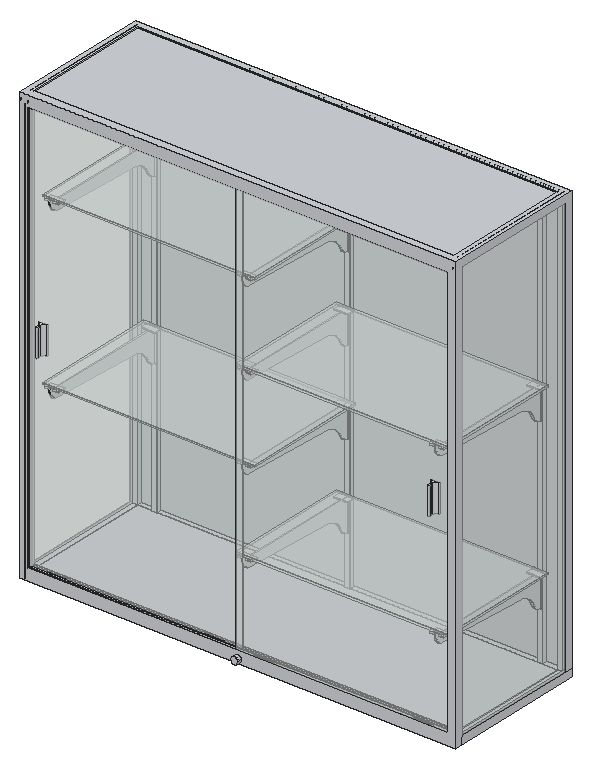
Revit family "Ghent - Champion - 2040 + 2282 Series", category Furniture, Revit 2019
Family settings
  OmniClass Number = 23.40.20.00
  OmniClass Title = General Furniture and Specialties
  Work Plane-Based = No
  Always vertical = Yes
  Cut with Voids When Loaded = No
  Shared = No
  Room Calculation Point = No
Parameters (values of type "Style 2040 - 48”H x 48”W x 16”D")
  Width = 4' - 0"
  URL = "https://ghent.com/wall-case-aluminum-champion"
  Side Support Offset = 0' - 2 3/4"  # constant formula
  Side Profile Value = 0' - 0 53/64"  # constant formula
  Shelf Width = if(Half Length Shelves, (Width / 2) + (2 * Bracket Support Offset) - Side Support Offset, Width - (2 * Side Support Offset) + (2 * Bracket Support Offset))  # 1' - 11 47/128"
  Shelf Tiers = if(Width = 3' 0", 1, 2)  # 2
  Shelf Depth = 1' - 2"
  Manufacturer = "Ghent"  # constant formula
  Height = 4' - 0"
  Half Length Shelves = not(Width = 3' 0")  # yes
  Glass [instance] = Glass, Clear Glazing, Tempered
  Frame [instance] = none
  Door Panel Width = ((Width - (2 * Side Profile Value)) / 2) + 0' 0 5/16"  # 1' - 11 31/64"
  Depth = 1' - 4"
  Bracket Support Offset = 0' - 1 15/256"  # constant formula
  Bottom Rail Depth = 0' - 0.833"
  Back Panel [instance] = none
Types (5): name | Width | Shelf Width | Shelf Tiers | Shelf Depth | Height | Half Length Shelves | Door Panel Width | Depth
  (no name) | 4' - 0" | 1' - 11 47/128" | 2 | 1' - 2" | 4' - 0" | yes | 1' - 11 31/64" | 1' - 4"
  Style 2040 - 48”H x 48”W x 16”D | 4' - 0" | 1' - 11 47/128" | 2 | 1' - 2" | 4' - 0" | yes | 1' - 11 31/64" | 1' - 4"
  Style 2040 - 48”H x 60”W x 16”D | 5' - 0" | 2' - 5 47/128" | 2 | 1' - 2" | 4' - 0" | yes | 2' - 5 31/64" | 1' - 4"
  Style 2040 - 48”H x 72”W x 16”D | 6' - 0" | 2' - 11 47/128" | 2 | 1' - 2" | 4' - 0" | yes | 2' - 11 31/64" | 1' - 4"
  Style 2282 - 30”H x 36”W x 14”D | 3' - 0" | 2' - 8 79/128" | 1 | 1' - 0" | 2' - 6" | no | 1' - 5 31/64" | 1' - 2"
Reference planes (in)
  plane 1 "Center Front/Back": y = 0
  plane 2: z = 0
  plane 3 "Center Left/Right": x = 0
  plane 4 "Left": x = -24
  plane 5 "front": y = -8
  plane 6 "Back": y = 8
  plane 7 "top": z = 48
  plane 8 "bottom rail": z = 0
  plane 9 "Right": x = 24
  plane 10: x = -23.17056
  plane 11: x = 23.17056
  plane 12: z = 0.833
  plane 13 "Center L/T": z = 47.16563
  plane 14 "Center L/U": y = -7.167
  plane 15: z = 47.499
  plane 16: z = 0.498
  plane 17: x = -23.502
  plane 18: x = 23.502
  plane 19: y = 7.499
  plane 20: y = -7.499
  plane 21: y = 7.167
  plane 22: x = -21.25
  plane 23: x = 21.25
  plane 24 "track a": y = -7.77196
  plane 25 "2d": z = 24
Forms (in)
  Sweep 1, solid, material <- "Frame"
    path origin (0, 0, 48) x (1, 0, 0) y (0, 1, 0)
      loop
        line (24, -8) -> (24, 8) -> (-24, 8) -> (-24, -8)
    profile origin (24, 0, 48) x (-1, 0, 0) y (0, 0, 1)
      loop
        line (0, -0.83437) -> (0.075, -0.83437) -> (0.075, -0.501) -> (0.34393, -0.501) -> (0.34393, -0.83437) -> (0.833, -0.83437) -> (0.833, -0.358) -> (0.498, -0.358) -> (0.498, -0.075) -> (0.833, -0.075) -> (0.833, 0) -> (0, 0) -> (0, -0.83437)
  Sweep 2, solid, material <- "Frame"
    path origin (0, 8, 0) x (-1, 0, 0) y (0, 0, 1)
      loop
        line (-24, 0.833) -> (-24, 47.16563)
    profile origin (24, 8, 23.99931) x (1, 0, 0) y (0, 1, 0)
      loop
        line (0, -0.833) -> (0, 0) -> (-0.833, 0) -> (-0.833, -0.075) -> (-0.498, -0.075) -> (-0.498, -0.358) -> (-0.833, -0.358) -> (-0.833, -0.83437) -> (-0.34393, -0.83437) -> (-0.34393, -0.501) -> (-0.075, -0.501) -> (-0.075, -0.833) -> (0, -0.833)
  Sweep 3, solid, material <- "Frame"
    path origin (0, -8, 0) x (-1, 0, 0) y (0, 0, 1)
      loop
        line (-24, 0) -> (-24, 47.16563)
    profile origin (24, -8, 23.58281) x (1, 0, 0) y (0, 1, 0)
      loop
        line (0, 0.833) -> (-0.075, 0.833) -> (-0.075, 0.501) -> (-0.34393, 0.501) -> (-0.34393, 0.833) -> (-0.82944, 0.833) -> (-0.82944, 0.358) -> (-0.498, 0.358) -> (-0.498, 0.075) -> (-0.82944, 0.075) -> (-0.82944, 0) -> (0, 0) -> (0, 0.833)
  Sweep 4, solid, material <- "Frame"
    path origin (0, 8, 0) x (1, 0, 0) y (0, 0, 1)
      loop
        line (-24, 0.833) -> (-24, 47.16563)
    profile origin (-24, 8, 23.99931) x (1, 0, 0) y (0, 1, 0)
      loop
        line (0, -0.833) -> (0.075, -0.833) -> (0.075, -0.501) -> (0.34393, -0.501) -> (0.34393, -0.83437) -> (0.82944, -0.83437) -> (0.82944, -0.358) -> (0.498, -0.358) -> (0.498, -0.075) -> (0.82944, -0.075) -> (0.82944, 0) -> (0, 0) -> (0, -0.833)
  Sweep 5, solid, material <- "Frame"
    path origin (0, 0, 0) x (0, -1, 0) y (1, 0, 0)
      loop
        line (7.167, -24) -> (-8, -24) -> (-8, 24) -> (7.167, 24)
    profile origin (-24, 0.4165, 0) x (-1, 0, 0) y (0, 0, 1)
      loop
        line (-0.82944, 0) -> (0, 0) -> (0, 0.833) -> (-0.075, 0.833) -> (-0.075, 0.498) -> (-0.34393, 0.498) -> (-0.34393, 0.833) -> (-0.82944, 0.833) -> (-0.82944, 0.34393) -> (-0.498, 0.34393) -> (-0.498, 0.075) -> (-0.82944, 0.075) -> (-0.82944, 0)
  Sweep 6, solid, material <- "Frame"
    path origin (0, 0, 0) x (0, -1, 0) y (1, 0, 0)
      loop
        line (8, -23.17056) -> (8, 23.17056)
    profile origin (0, -8, 0) x (0, 1, 0) y (0, 0, 1)
      loop
        line (0.075, 1.24492) -> (0, 1.24492) -> (0, 0) -> (0.833, 0) -> (0.833, 1.24519) -> (0.751, 1.24519) -> (0.751, 0.833) -> (0.501, 0.833) -> (0.501, 1.24492) -> (0.358, 1.24492) -> (0.358, 0.49419) -> (0.075, 0.49419) -> (0.075, 1.24492)
  Sweep 7, solid, material <- "Frame"
    path origin (0, -8, 0) x (-1, 0, 0) y (0, 0, 1)
      loop
        line (24, 0) -> (24, 47.16563)
    profile origin (-24, -8, 23.58281) x (1, 0, 0) y (0, 1, 0)
      loop
        line (0, 0.833) -> (0, 0) -> (0.82944, 0) -> (0.82944, 0.075) -> (0.498, 0.075) -> (0.498, 0.358) -> (0.82944, 0.358) -> (0.82944, 0.833) -> (0.34393, 0.833) -> (0.34393, 0.501) -> (0.075, 0.501) -> (0.075, 0.833) -> (0, 0.833)
  Extrusion 8, solid, material <- "Frame"
    sketch origin (0, -8, 0) x (-1, 0, 0) y (0, 0, 1)
      loop
        circle (0, 0.4165) r 0.375
    from -0.43196 to 0
  Extrusion 9, solid, material <- "Back Panel"
    sketch origin (0, 0, 0) x (0, 1, 0) y (0, 0, 1)
      loop
        line (7.7375, 0.498) -> (7.925, 0.498) -> (7.925, 47.499) -> (7.7375, 47.499) -> (7.7375, 0.498)
    from -23.502 to 23.502
  Extrusion 10, solid, material "Glass, Clear Glazing, Tempered" <- "Glass"
    sketch origin (0, -8, 0) x (-1, 0, 0) y (0, 0, 1)
      loop
        line (23.8, 0.498) -> (23.925, 0.498) -> (23.925, 47.499) -> (23.8, 47.499) -> (23.8, 0.498)
    from 0.501 to 15.499
  Extrusion 11, solid, material "Glass, Clear Glazing, Tempered" <- "Glass"
    sketch origin (0, -8, 0) x (1, 0, 0) y (0, 0, -1)
      loop
        line (23.8, -0.498) -> (23.8, -47.499) -> (23.925, -47.499) -> (23.925, -0.498) -> (23.8, -0.498)
    from 0.501 to 15.499
  Extrusion 12, solid, material <- "Frame"
    sketch origin (0, 0, 0) x (0, 1, 0) y (0, 0, 1)
      loop
        line (7.499, 0.34393) -> (-7.499, 0.34393) -> (-7.499, 0.075) -> (7.499, 0.075) -> (7.499, 0.34393)
    from -23.502 to 23.502
  Extrusion 13, solid, material <- "Frame"
    sketch origin (0, 0, 0) x (0, 1, 0) y (0, 0, 1)
      loop
        line (7.167, 0.833) -> (-7.167, 0.833) -> (-7.167, 0.34393) -> (7.167, 0.34393) -> (7.167, 0.833)
    from -23.17056 to 23.17056
  Extrusion 14, solid, material <- "Frame"
    sketch origin (0, 0, 72.00081) x (0, 1, 0) y (0, 0, 1)
      loop
        line (7.499, -24.34775) -> (7.499, -24.07581) -> (-7.499, -24.07581) -> (-7.499, -24.34775) -> (7.499, -24.34775)
    from -23.502 to 23.502
  Extrusion 15, solid, material <- "Frame"
    sketch origin (0, 0, 72.00081) x (0, 1, 0) y (0, 0, 1)
      loop
        line (7.167, -24.83681) -> (7.167, -24.34775) -> (-7.167, -24.34775) -> (-7.167, -24.83681) -> (7.167, -24.83681)
    from -23.17056 to 23.17056
  Sweep 16, solid, material <- "Frame"
    path origin (0, 0, 48) x (1, 0, 0) y (0, 1, 0)
      loop
        line (-24, -8) -> (24, -8)
    profile origin (0, -8, 48) x (0, 1, 0) y (0, 0, 1)
      loop
        line (0, -1.25612) -> (0.075, -1.25612) -> (0.075, -0.501) -> (0.34393, -0.501) -> (0.34393, -1.25624) -> (0.501, -1.25624) -> (0.501, -0.83437) -> (0.75504, -0.83437) -> (0.75504, -1.25612) -> (0.833, -1.25612) -> (0.833, -0.358) -> (0.498, -0.358) -> (0.498, -0.075) -> (0.833, -0.075) -> (0.833, 0) -> (0, 0) -> (0, -1.25612)
Cuts and joins
  joined: Sweep 1, Sweep 2, Sweep 3, Sweep 4, Sweep 6, Sweep 7, Sweep 16
Lines and regions (in)
  Masking region 1
    outline origin (0, 0, 24) x (-1, 0, 0) y (0, -1, 0)
      loop
        line (24, -8) -> (24, 8) -> (-24, 8) -> (-24, -8) -> (24, -8)
  symbolic lines, detail levels medium+fine
    curve 1: line (-23.17056, 7.499, 24) -> (23.17056, 7.499, 24)
    curve 2: line (-23.17056, -8, 24) -> (-23.17056, 7.499, 24)
    curve 3: line (23.17056, -7.167, 24) -> (-23.17056, -7.167, 24)
    curve 4: line (23.17056, 7.499, 24) -> (23.17056, -8, 24)
Dimensions and locks (in)
  locked: plane 4 "Left" to plane 10 at 0.82944
  locked: plane 11 to plane 9 "Right" at 0.82944
  equal spacing: plane 4 "Left", plane 3 "Center Left/Right", plane 9 "Right"
  "Width": plane 4 "Left" to plane 9 "Right"
  locked: plane 14 "Center L/U" to plane 5 "front" at 0.833
  equal spacing: plane 12, Extrusion 8 sketch curve, plane 8 "bottom rail"
  locked: plane 16 to plane 8 "bottom rail" at 0.498
  locked: plane 7 "top" to plane 15 at 0.501
  locked: plane 15 to plane 13 "Center L/T" at 0.33337
  locked: plane 4 "Left" to plane 17 at 0.498
  locked: plane 18 to plane 9 "Right" at 0.498
  locked: plane 6 "Back" to plane 19 at 0.501
  locked: plane 20 to plane 5 "front" at 0.501
  locked: plane 21 to plane 19 at 0.332
  "Side Support Offset": plane 4 "Left" to plane 22
  locked: plane 12 to plane 16 at 0.335
  "Side Support Offset": plane 9 "Right" to plane 23
  locked: plane 24 "track a" to plane 5 "front" at 0.22804
  equal spacing: plane 7 "top", plane 25 "2d", plane 8 "bottom rail"
  equal spacing: plane 6 "Back", plane 1 "Center Front/Back", plane 5 "front"
  "Depth": plane 6 "Back" to plane 5 "front"
  "Height": plane 7 "top" to plane 8 "bottom rail"
  plane 8 "bottom rail" to plane 2 = 0' - 0"
  aligned and locked: level to plane 2
  aligned and locked: Sweep 1 sketch curve to plane 4 "Left"
  aligned and locked: Sweep 1 sketch curve to plane 6 "Back"
  aligned and locked: Sweep 1 sketch curve to plane 9 "Right"
  aligned and locked: plane 12 to Sweep 2 sketch curve
  aligned and locked: Sweep 2 sketch curve to plane 9 "Right"
  aligned and locked: plane 13 "Center L/T" to Sweep 2 sketch curve
  aligned and locked: Sweep 3 sketch curve to plane 9 "Right"
  aligned and locked: plane 13 "Center L/T" to Sweep 3 sketch curve
  aligned and locked: plane 4 "Left" to Sweep 5 sketch curve
  aligned and locked: Sweep 5 sketch curve to plane 6 "Back"
  aligned and locked: plane 9 "Right" to Sweep 5 sketch curve
  aligned and locked: plane 14 "Center L/U" to Sweep 5 sketch curve
  aligned and locked: Sweep 5 sketch curve to plane 14 "Center L/U"
  aligned and locked: plane 12 to Sweep 4 sketch curve
  aligned and locked: plane 8 "bottom rail" to Sweep 3 sketch curve
  aligned and locked: plane 10 to Sweep 6 sketch curve
  aligned and locked: plane 11 to Sweep 6 sketch curve
  aligned and locked: Sweep 6 sketch curve to plane 5 "front"
  aligned and locked: plane 11 to Sweep 3 sketch curve
  aligned and locked: Sweep 3 sketch curve to plane 11
  aligned and locked: plane 13 "Center L/T" to Sweep 7 sketch curve
  aligned and locked: plane 4 "Left" to Sweep 7 sketch curve
  aligned and locked: plane 8 "bottom rail" to Sweep 7 sketch curve
  aligned and locked: plane 3 "Center Left/Right" to Extrusion 8 sketch curve
  aligned and locked: Extrusion 9 sketch curve to plane 15
  aligned and locked: plane 16 to Extrusion 9 sketch curve
  aligned and locked: Extrusion 9 to plane 18
  aligned and locked: plane 17 to Extrusion 9
  aligned and locked: Extrusion 10 sketch curve to plane 15
  aligned and locked: plane 16 to Extrusion 10 sketch curve
  aligned and locked: Extrusion 10 to plane 19
  aligned and locked: plane 20 to Extrusion 10
  aligned and locked: Extrusion 11 to plane 19
  aligned and locked: plane 20 to Extrusion 11
  aligned and locked: Extrusion 11 to plane 16
  aligned and locked: plane 15 to Extrusion 11
  aligned and locked: Extrusion 12 sketch curve to plane 20
  aligned and locked: plane 19 to Extrusion 12 sketch curve
  aligned and locked: Extrusion 12 to plane 18
  aligned and locked: plane 17 to Extrusion 12
  aligned and locked: plane 10 to Extrusion 13
  aligned and locked: Extrusion 13 to plane 11
  aligned and locked: Extrusion 13 to plane 14 "Center L/U"
  aligned and locked: Extrusion 13 to plane 21
  aligned and locked: plane 20 to Extrusion 14
  aligned and locked: Extrusion 14 to plane 19
  aligned and locked: Extrusion 15 to plane 21
  aligned and locked: Extrusion 15 to plane 14 "Center L/U"
  aligned and locked: plane 17 to Extrusion 14
  aligned and locked: Extrusion 15 to plane 10
  aligned and locked: Extrusion 14 to plane 18
  aligned and locked: Extrusion 15 to plane 11
  aligned and locked: nested 1 to plane 22
  aligned and locked: plane 19 to nested 1
  aligned and locked: plane 12 to nested 1
  aligned and locked: nested 1 to plane 13 "Center L/T"
  aligned and locked: plane 19 to nested 2
  aligned and locked: nested 2 to plane 23
  aligned and locked: nested 3 to plane 11
  aligned and locked: nested 3 to plane 24 "track a"
  aligned and locked: nested 3 to plane 13 "Center L/T"
  aligned and locked: plane 13 "Center L/T" to nested 4
  aligned and locked: plane 4 "Left" to Masking region 1 sketch curve
  aligned and locked: plane 9 "Right" to Masking region 1 sketch curve
  aligned and locked: Masking region 1 sketch curve to plane 6 "Back"
  aligned and locked: Masking region 1 sketch curve to plane 5 "front"
  aligned and locked: plane 10 to curve 2
  aligned and locked: plane 11 to curve 4
  aligned and locked: curve 3 to plane 14 "Center L/U"
  aligned and locked: plane 19 to curve 1
  aligned and locked: nested 2 to plane 13 "Center L/T"
  aligned and locked: plane 12 to nested 2
  aligned and locked: plane 12 to nested 4
  aligned and locked: nested 3 to plane 12
  aligned and locked: Sweep 7 sketch curve to plane 10
  aligned and locked: plane 10 to Sweep 7 sketch curve
  aligned and locked: Sweep 7 sketch curve to profile plane
  aligned and locked: profile plane to Sweep 7 sketch curve
  aligned and locked: nested 4 to plane 17
Automatic sketch dimensions
  plane 7 "top" to Sweep 1 sketch curve = 0' - 0"
  Sweep 1 sketch curve to profile plane = 0' - 0"
  Sweep 1 sketch curve to Sweep 1 sketch curve = 0' - 0.075"
  Sweep 1 sketch curve to Sweep 1 sketch curve = 0' - 0.26893"
  plane 7 "top" to Sweep 1 sketch curve = 0' - 0.075"
  Sweep 1 sketch curve to Sweep 1 sketch curve = 0' - 0.15407"
  Sweep 1 sketch curve to Sweep 1 sketch curve = 0' - 0.48907"
  Sweep 1 sketch curve to Sweep 1 sketch curve = 0' - 0"  (x2)
  Sweep 1 sketch curve to Sweep 1 sketch curve = 0' - 0.283"
  Sweep 1 sketch curve to Sweep 1 sketch curve = 0' - 0.143"
  Sweep 1 sketch curve to Sweep 1 sketch curve = 0' - 0.33337"
  plane 6 "Back" to Sweep 2 sketch curve = 0' - 0"
  Sweep 2 sketch curve to profile plane = 0' - 0"
  Sweep 2 sketch curve to Sweep 2 sketch curve = 0' - 0.075"
  Sweep 2 sketch curve to Sweep 2 sketch curve = 0' - 0.26893"
  Sweep 2 sketch curve to plane 6 "Back" = 0' - 0.075"
  Sweep 2 sketch curve to Sweep 2 sketch curve = 0' - 0.15407"
  Sweep 2 sketch curve to Sweep 2 sketch curve = 0' - 0.48907"
  Sweep 2 sketch curve to Sweep 2 sketch curve = 0' - 0"
  Sweep 2 sketch curve to Sweep 2 sketch curve = 0' - 0.283"
  Sweep 2 sketch curve to Sweep 2 sketch curve = 0' - 0.143"
  Sweep 2 sketch curve to Sweep 2 sketch curve = 0' - 0.332"
  Sweep 2 sketch curve to Sweep 2 sketch curve = 0' - 0.00137"
  plane 5 "front" to Sweep 3 sketch curve = 0' - 0"
  Sweep 3 sketch curve to profile plane = 0' - 0"
  Sweep 3 sketch curve to Sweep 3 sketch curve = 0' - 0.33144"
  Sweep 3 sketch curve to Sweep 3 sketch curve = 0' - 0.15407"
  profile plane to Sweep 3 sketch curve = 0' - 0.075"
  plane 5 "front" to Sweep 3 sketch curve = 0' - 0.075"
  Sweep 3 sketch curve to Sweep 3 sketch curve = 0' - 0.283"
  Sweep 3 sketch curve to Sweep 3 sketch curve = 0' - 0.143"
  Sweep 3 sketch curve to Sweep 3 sketch curve = 0' - 0.332"
  Sweep 3 sketch curve to Sweep 3 sketch curve = 0' - 0"
  Sweep 4 sketch curve to plane 4 "Left" = 0' - 0"
  Sweep 4 sketch curve to plane 13 "Center L/T" = 0' - 0"
  Sweep 4 sketch curve to plane 6 "Back" = 0' - 0"
  Sweep 4 sketch curve to profile plane = 0' - 0"
  Sweep 4 sketch curve to profile plane = 0' - 0.075"
  Sweep 4 sketch curve to Sweep 4 sketch curve = 0' - 0.26893"
  Sweep 4 sketch curve to plane 6 "Back" = 0' - 0.075"
  Sweep 4 sketch curve to Sweep 4 sketch curve = 0' - 0.15407"
  Sweep 4 sketch curve to Sweep 4 sketch curve = 0' - 0.48551"
  Sweep 4 sketch curve to Sweep 4 sketch curve = 0' - 0"
  Sweep 4 sketch curve to Sweep 4 sketch curve = 0' - 0.283"
  Sweep 4 sketch curve to Sweep 4 sketch curve = 0' - 0.143"
  Sweep 4 sketch curve to Sweep 4 sketch curve = 0' - 0.332"
  Sweep 4 sketch curve to Sweep 4 sketch curve = 0' - 0.00137"
  Sweep 5 sketch curve to plane 8 "bottom rail" = 0' - 0"
  Sweep 5 sketch curve to profile plane = 0' - 0"
  profile plane to Sweep 5 sketch curve = 0' - 0.075"
  Sweep 5 sketch curve to Sweep 5 sketch curve = 0' - 0.26893"  (x2)
  plane 8 "bottom rail" to Sweep 5 sketch curve = 0' - 0.075"
  Sweep 5 sketch curve to Sweep 5 sketch curve = 0' - 0.15407"  (x2)
  Sweep 5 sketch curve to Sweep 5 sketch curve = 0' - 0.33144"
  Sweep 5 sketch curve to Sweep 5 sketch curve = 0' - 0"  (x2)
  Sweep 5 sketch curve to Sweep 5 sketch curve = 0' - 0.48907"
  Sweep 6 sketch curve to profile plane = 0' - 0"
  Sweep 6 sketch curve to plane 8 "bottom rail" = 0' - 0"
  Sweep 6 sketch curve to Sweep 6 sketch curve = 0' - 0.075"
  Sweep 6 sketch curve to Sweep 6 sketch curve = 0' - 0.283"
  Sweep 6 sketch curve to Sweep 6 sketch curve = 0' - 0.143"
  Sweep 6 sketch curve to Sweep 6 sketch curve = 0' - 0 1/4"
  Sweep 6 sketch curve to Sweep 6 sketch curve = 0' - 0.475"
  plane 8 "bottom rail" to Sweep 6 sketch curve = 0' - 0.49419"
  Sweep 6 sketch curve to Sweep 6 sketch curve = 0' - 0.33881"
  Sweep 6 sketch curve to Sweep 6 sketch curve = 0' - 0.41192"
  Sweep 6 sketch curve to Sweep 6 sketch curve = 0' - 0"
  Sweep 6 sketch curve to Sweep 6 sketch curve = 0' - 0.00027"
  Sweep 7 sketch curve to profile plane = 0' - 0.075"
  Sweep 7 sketch curve to Sweep 7 sketch curve = 0' - 0.26893"
  profile plane to Sweep 7 sketch curve = 0' - 0.075"
  Sweep 7 sketch curve to Sweep 7 sketch curve = 0' - 0.15407"
  Sweep 7 sketch curve to Sweep 7 sketch curve = 0' - 0.283"
  Sweep 7 sketch curve to Sweep 7 sketch curve = 0' - 0.143"
  Sweep 7 sketch curve to Sweep 7 sketch curve = 0' - 0.332"
  Sweep 7 sketch curve to Sweep 7 sketch curve = 0' - 0"
  Extrusion 9 sketch curve to plane 19 = 0' - 0.2385"
  Extrusion 9 sketch curve to plane 6 "Back" = 0' - 0.075"
  plane 4 "Left" to Extrusion 10 sketch curve = 0' - 0.2"
  plane 4 "Left" to Extrusion 10 sketch curve = 0' - 0.075"
  Extrusion 11 sketch curve to plane 15 = 0' - 0"
  Extrusion 11 sketch curve to plane 16 = 0' - 0"
  Extrusion 11 sketch curve to plane 9 "Right" = 0' - 0.2"
  Extrusion 11 sketch curve to plane 9 "Right" = 0' - 0.075"
  plane 8 "bottom rail" to Extrusion 12 sketch curve = 0' - 0.075"
  Extrusion 12 sketch curve to plane 16 = 0' - 0.15407"
  plane 12 to Extrusion 13 sketch curve = 0' - 0"
  Extrusion 13 sketch curve to plane 14 "Center L/U" = 0' - 0"
  Extrusion 13 sketch curve to plane 21 = 0' - 0"
  Extrusion 13 sketch curve to plane 16 = 0' - 0.15407"
  plane 20 to Extrusion 14 sketch curve = 0' - 0"
  Extrusion 14 sketch curve to plane 19 = 0' - 0"
  Extrusion 14 sketch curve to plane 7 "top" = 0' - 0.075"
  Extrusion 14 sketch curve to plane 15 = 0' - 0.15407"
  Extrusion 15 sketch curve to plane 14 "Center L/U" = 0' - 0"
  plane 21 to Extrusion 15 sketch curve = 0' - 0"
  Extrusion 15 sketch curve to plane 15 = 0' - 0.15407"
  Extrusion 15 sketch curve to plane 13 "Center L/T" = 0' - 0.00163"
  plane 5 "front" to curve 4 = 0' - 0"
  curve 2 to plane 5 "front" = 0' - 0"
  plane 5 "front" to Sweep 16 sketch curve = 0' - 0"
  Sweep 16 sketch curve to plane 4 "Left" = 0' - 0"
  Sweep 16 sketch curve to plane 9 "Right" = 0' - 0"
  plane 7 "top" to Sweep 16 sketch curve = 0' - 0"
  Sweep 16 sketch curve to profile plane = 0' - 0"
  Sweep 16 sketch curve to Sweep 16 sketch curve = 0' - 0.075"
  Sweep 16 sketch curve to Sweep 16 sketch curve = 0' - 0.26893"
  plane 7 "top" to Sweep 16 sketch curve = 0' - 0.075"
  Sweep 16 sketch curve to Sweep 16 sketch curve = 0' - 0.15407"
  Sweep 16 sketch curve to Sweep 16 sketch curve = 0' - 0.15707"
  Sweep 16 sketch curve to Sweep 16 sketch curve = 0' - 0.25404"
  Sweep 16 sketch curve to Sweep 16 sketch curve = 0' - 0.335"
  Sweep 16 sketch curve to Sweep 16 sketch curve = 0' - 0.07796"
  Sweep 16 sketch curve to Sweep 16 sketch curve = 0' - 0.283"
  Sweep 16 sketch curve to Sweep 16 sketch curve = 0' - 0.143"
  Sweep 16 sketch curve to Sweep 16 sketch curve = 0' - 0.47637"
  Sweep 16 sketch curve to Sweep 16 sketch curve = 0' - 0.42175"  (x2)
  Sweep 16 sketch curve to Sweep 16 sketch curve = 0' - 0.00012"
  Sweep 1 sketch curve to plane 5 "front" = 0' - 0"
  plane 5 "front" to Sweep 1 sketch curve = 0' - 0"
  radius of Extrusion 8 sketch curve = 0' - 0 3/8"
Nested families (in)
  nested 1: "Ghent - Champion - Shelf System" at (-10.625, 7.09275, 0.833), Total Width <- "Shelf Width", visible <- "Half Length Shelves", type "Ghent - Champion - Shelf System"
    with Total Width 1' - 11 47/128", Top Shelf Position 0' - 9.26653", Single Shelf no, Shelf Tiers Control 2, Shelf Tiers 2, Right Side Shelves no, Right Bracket Support no, Multiple Shelves yes, Left Side Shelves yes, Left Bracket Support yes, Case Height - Interior 3' - 10.33263", Bottom Shelf Position 1' - 6.53305", Shelf Depth 1' - 2"
  nested 2: "Ghent - Champion - Shelf System" at (10.625, 7.09275, 0.833), Total Width <- "Shelf Width", Shelf Tiers <- "Shelf Tiers", type "Ghent - Champion - Shelf System"
    with Total Width 1' - 11 47/128", Top Shelf Position 1' - 6.53305", Single Shelf no, Shelf Tiers Control 2, Shelf Tiers 2, Right Side Shelves yes, Right Bracket Support yes, Multiple Shelves yes, Left Side Shelves no, Left Bracket Support yes, Case Height - Interior 3' - 10.33263", Bottom Shelf Position 0' - 9.26653", Shelf Depth 1' - 2"
  nested 3: "Ghent - Champion - Door" at (11.42837, -7.77196, -12.3234), type "Ghent - Champion - Door"
    with Interior Case Height 3' - 10.33263", Width 1' - 11 31/64"
  nested 4: "Ghent - Champion - Door" at (-11.75981, -7.20523, -12.3234) x (-1, 0, 0) z (0, 0, 1), type "Ghent - Champion - Door"
    with Interior Case Height 3' - 10.33263", Width 1' - 11 31/64"
Definition of nested family "Ghent - Champion - Shelf System"
  Parameters (values of type "Ghent - Champion - Shelf System")
    Top Shelf Position [instance] = if(Left Side Shelves, ([Case Height - Interior] * (1 / 5)), ([Case Height - Interior] * (2 / 5)))  # 0' - 8.8"
    Single Shelf [instance] = not(Multiple Shelves)  # no
    Shelf Tiers Control [instance] = if(Shelf Tiers > 4, 4, if(Shelf Tiers < 2, 2, Shelf Tiers))  # 2
    Shelf Tiers [instance] = 2
    Shelf Thin - 1/4" = yes
    Shelf Support = none
    Shelf Depth = 1' - 0"
    Shelf = none
    Total Width [instance] = 1' - 10"
    Right Side Shelves [instance] = not(Left Side Shelves)  # no
    Multiple Shelves [instance] = Shelf Tiers > 1  # yes
    Left Side Shelves [instance] = yes
    Left Bracket Support [instance] = yes
    Case Height - Interior [instance] = 3' - 8"
    Right Bracket Support [instance] = yes
    Bracket Support Offset = 0' - 1 15/256"  # constant formula
    Bottom Shelf Position [instance] = if(Right Side Shelves, ([Case Height - Interior] * (1 / 5)), ([Case Height - Interior] * (2 / 5)))  # 1' - 5.6"
  Reference planes (in)
    plane 1 "Center Front/Back": y = 0
    plane 2: z = 0
    plane 3 "Center Left/Right": x = 0
    plane 4 "Top": z = 44
    plane 5: x = -11
    plane 6: x = 11
    plane 7: y = -12.09375
    plane 8: x = -9.94141
    plane 9: x = 9.94141
    plane 10: y = -11.09447
    plane 11: y = -0.09375
    plane 12: z = 17.6
    plane 13: z = 35.2
    plane 14: y = -8.75
    plane 15: y = 0.40625
    plane 16: z = 22
  Forms (in)
    Extrusion 1, solid, material <- "Shelf Support", visible <- "Right Bracket Support"
      sketch origin (0, 0, 0) x (1, 0, 0) y (0, 1, 0)
        loop
          line (10.25291, 0.40625) -> (9.62991, 0.40625) -> (9.62991, 0.04957)
          arc (9.62991, 0.04957) -> (9.64443, 0.01452) -> (9.67948, 0) r 0.04957
          line (9.67948, 0) -> (10.20212, 0)
          arc (10.20212, 0) -> (10.23803, 0.01487) -> (10.25291, 0.05078) r 0.05078
          line (10.25291, 0.05078) -> (10.25291, 0.40625)
      from 0 to 44
    Extrusion 2, solid, material <- "Shelf Support", visible <- "Left Bracket Support"
      sketch origin (0, 0, 0) x (1, 0, 0) y (0, 1, 0)
        loop
          line (-10.25291, 0.40625) -> (-10.25291, 0.05078)
          arc (-10.25291, 0.05078) -> (-10.23803, 0.01487) -> (-10.20212, 0) r 0.05078
          line (-10.20212, 0) -> (-9.67948, 0)
          arc (-9.67948, 0) -> (-9.64443, 0.01452) -> (-9.62991, 0.04957) r 0.04957
          line (-9.62991, 0.04957) -> (-9.62991, 0.40625) -> (-10.25291, 0.40625)
      from 0 to 44
  Lines and regions (in)
    Masking region 1, detail levels fine
      outline origin (0, 0, 44) x (-1, 0, 0) y (0, -1, 0)
        loop
          line (10.25291, -0.40625) -> (10.25291, -0.05078)
          arc (10.25291, -0.05078) -> (10.23803, -0.01487) -> (10.20212, 0) r 0.05078
          line (10.20212, 0) -> (9.67948, 0)
          arc (9.67948, 0) -> (9.64443, -0.01452) -> (9.62991, -0.04957) r 0.04957
          line (9.62991, -0.04957) -> (9.62991, -0.40625) -> (10.25291, -0.40625)
    Masking region 2, detail levels fine
      outline origin (0, 0, 44) x (-1, 0, 0) y (0, -1, 0)
        loop
          line (-9.62991, -0.40625) -> (-9.62991, -0.04957)
          arc (-9.62991, -0.04957) -> (-9.64443, -0.01452) -> (-9.67948, 0) r 0.04957
          line (-9.67948, 0) -> (-10.20212, 0)
          arc (-10.20212, 0) -> (-10.23803, -0.01487) -> (-10.25291, -0.05078) r 0.05078
          line (-10.25291, -0.05078) -> (-10.25291, -0.40625) -> (-9.62991, -0.40625)
  Dimensions and locks (in)
    locked: plane 11 to plane 1 "Center Front/Back" at 0.09375
    plane 7 to plane 11 = 1' - 0"
    locked: plane 7 to plane 10 at 0.99928
    "Case Height - Interior": plane 4 "Top" to plane 2
    group 1 to group 2 = 0' - 0"  (x2)
    group 1 to group 2 = 1' - 5.6"
    "Bottom Shelf Position": plane 12 to plane 2
    "Top Shelf Position": plane 4 "Top" to plane 13
    "Bracket Support Offset": plane 9 to plane 6
    "Bracket Support Offset": plane 5 to plane 8
    Extrusion 1 sketch curve to plane 9 to Extrusion 1 sketch curve = 0' - 0.3115" locked, 0' - 0.3115" locked
    locked: plane 1 "Center Front/Back" to plane 15 at 0.40625
    equal spacing: plane 5, plane 3 "Center Left/Right", plane 6
    "Total Width": plane 5 to plane 6
    equal spacing: plane 4 "Top", plane 16, plane 2
    aligned and locked: level to plane 2
    aligned and locked: Extrusion 1 to level
    aligned and locked: plane 3 "Center Left/Right" to nested 2
    aligned and locked: plane 3 "Center Left/Right" to nested 1
    aligned and locked: plane 4 "Top" to Extrusion 1
    aligned and locked: Extrusion 2 to plane 2
    aligned and locked: plane 4 "Top" to Extrusion 2
    aligned and locked: Masking region 1 sketch curve to Extrusion 2  (x4)
    aligned and locked: Masking region 2 sketch curve to Extrusion 1  (x4)
    aligned and locked: nested 3 to plane 16
  Automatic sketch dimensions
    plane 1 "Center Front/Back" to Extrusion 1 sketch curve = 0' - 0"
    Extrusion 1 sketch curve to Extrusion 1 sketch curve = 0' - 0.04957"
    Extrusion 1 sketch curve to plane 1 "Center Front/Back" = 0' - 0 13/256"
    plane 1 "Center Front/Back" to Extrusion 2 sketch curve = 0' - 0"
    plane 8 to Extrusion 2 sketch curve = 0' - 0.3115"
    Extrusion 2 sketch curve to Extrusion 2 sketch curve = 0' - 0 13/256"
    Extrusion 2 sketch curve to plane 1 "Center Front/Back" = 0' - 0.04957"
    Extrusion 2 sketch curve to plane 8 = 0' - 0.26193"
    Extrusion 1 sketch curve to Extrusion 1 sketch curve = 0' - 0.35668"
    Extrusion 2 sketch curve to Extrusion 2 sketch curve = 0' - 0.35668"
    Masking region 1 sketch curve to Masking region 1 sketch curve = 0' - 0.04957"
    Masking region 1 sketch curve to plane 1 "Center Front/Back" = 0' - 0 13/256"
    Masking region 2 sketch curve to Masking region 2 sketch curve = 0' - 0 13/256"
    Masking region 2 sketch curve to plane 1 "Center Front/Back" = 0' - 0.04957"
  Nested families (in)
    nested 1: "GH-Shelf" at (0, 0, 17.4125), Shelf <- "Shelf", Shelf Support <- "Shelf Support", visible <- "Multiple Shelves", type "GH-Shelf"
      with Shelf Support none, Shelf none, Shelf Depth 1' - 0"
    nested 2: "GH-Shelf" at (0, 0, 35.0125), Shelf <- "Shelf", Shelf Support <- "Shelf Support", visible <- "Multiple Shelves", type "GH-Shelf"
      with Shelf Support none, Shelf none, Shelf Depth 1' - 0"
    nested 3: "GH-Shelf" at (0, 0, 21.875), Shelf <- "Shelf", Shelf Support <- "Shelf Support", visible <- "Single Shelf", type "GH-Shelf"
      with Shelf Support none, Shelf none, Shelf Depth 1' - 0"
  Definition of nested family "GH-Shelf"
    Parameters (values of type "GH-Shelf")
      Total Width = 1' - 10"
      Shelf Thin - 1/4" = yes
      Shelf Thickness Control = if([Shelf Thin - 1/4"], 0' 0 1/4", 0' 0 3/8")  # 0' - 0 1/4"
      Shelf Depth = 1' - 2"
      Shelf Support [instance] = none
      Shelf [instance] = none
      Bracket Inset Position = 0' - 1 15/256"
    Reference planes (in)
      plane 1 "Center Front/Back": y = 0
      plane 2: z = 0
      plane 3 "Center Left/Right": x = 0
      plane 4: x = -11
      plane 5: x = 11
      plane 6: x = -9.94141
      plane 7: y = -14.09375
      plane 8 "Top": z = 0.25
      plane 9: y = -0.09375
      plane 10: y = -14.1875
      plane 11: y = -14.43382
      plane 12: z = -0.0915
      plane 13: x = 9.94141
      plane 14: z = -3.5915
      plane 15: y = -1.09303
      plane 16: y = -13.09447
      plane 17: z = 0.125
    Forms (in)
      Extrusion 1, solid, material <- "Shelf"
        sketch origin (0, 0, 0) x (1, 0, 0) y (0, 1, 0)
          loop
            line (-11, -0.09375) -> (-11, -14.09375) -> (11, -14.09375) -> (11, -0.09375) -> (-11, -0.09375)
        from 0 to 0.25
      Extrusion 2, solid, material <- "Shelf Support"
        sketch origin (9.94141, 0, 48) x (0, 1, 0) y (0, 0, -1)
          loop
            line (-2.77525, 49.55827) -> (-13.46359, 49.09173)
            arc (-13.46359, 49.09173) -> (-14.15137, 48.78868) -> (-14.43382, 48.09218) r 1
            line (-14.43382, 48.09218) -> (-14.43382, 48.029)
            arc (-14.43382, 48.029) -> (-14.31066, 47.90584) -> (-14.1875, 48.029) r 0.12316
            line (-14.1875, 48.029) -> (-14.1875, 48.0915) -> (0, 48.0915) -> (0, 51.5915) -> (-0.09375, 51.5915)
            arc (-0.09375, 51.5915) -> (-0.53804, 51.4734) -> (-0.86505, 51.15029) r 0.89477
            line (-0.86505, 51.15029) -> (-1.26836, 50.46444)
            arc (-1.26836, 50.46444) -> (-1.90664, 49.81986) -> (-2.77525, 49.55827) r 1.84127
        from 0.0625 to -0.0625
      Extrusion 3, solid, material <- "Shelf Support"
        sketch origin (-9.94141, 0, 48) x (0, 1, 0) y (0, 0, 1)
          loop
            arc (-2.77525, -49.55827) -> (-1.90664, -49.81986) -> (-1.26836, -50.46444) r 1.84127
            line (-1.26836, -50.46444) -> (-0.86505, -51.15029)
            arc (-0.86505, -51.15029) -> (-0.53804, -51.4734) -> (-0.09375, -51.5915) r 0.89477
            line (-0.09375, -51.5915) -> (0, -51.5915) -> (0, -48.0915) -> (-14.1875, -48.0915) -> (-14.1875, -48.029)
            arc (-14.1875, -48.029) -> (-14.31066, -47.90584) -> (-14.43382, -48.029) r 0.12316
            line (-14.43382, -48.029) -> (-14.43382, -48.09218)
            arc (-14.43382, -48.09218) -> (-14.15137, -48.78868) -> (-13.46359, -49.09173) r 1
            line (-13.46359, -49.09173) -> (-2.77525, -49.55827)
        from 0.0625 to -0.0625
      Extrusion 4, solid, material <- "Shelf Support"
        sketch origin (-9.94141, 0, 48) x (0, 1, 0) y (0, 0, 1)
          loop
            line (-14.09375, -48) -> (-14.09375, -47.92188)
            arc (-14.09375, -47.92188) -> (-14.14062, -47.875) -> (-14.1875, -47.92188) r 0.04688
            line (-14.1875, -47.92188) -> (-14.1875, -48.0915) -> (-13.32024, -48.0915) -> (-13.32024, -48) -> (-14.09375, -48)
          loop
            line (-0.09375, -48) -> (-0.86726, -48) -> (-0.86726, -48.0915) -> (0, -48.0915) -> (0, -47.92188)
            arc (0, -47.92188) -> (-0.04687, -47.875) -> (-0.09375, -47.92188) r 0.04688
            line (-0.09375, -47.92188) -> (-0.09375, -48)
        from 0.75 to -0.75
      Extrusion 5, solid, material <- "Shelf Support"
        sketch origin (9.94141, 0, 48) x (0, 1, 0) y (0, 0, -1)
          loop
            line (-14.09375, 48) -> (-13.32024, 48) -> (-13.32024, 48.0915) -> (-14.1875, 48.0915) -> (-14.1875, 47.92188)
            arc (-14.1875, 47.92188) -> (-14.14062, 47.875) -> (-14.09375, 47.92188) r 0.04688
            line (-14.09375, 47.92188) -> (-14.09375, 48)
          loop
            line (-0.09375, 48) -> (-0.09375, 47.92188)
            arc (-0.09375, 47.92188) -> (-0.04687, 47.875) -> (0, 47.92188) r 0.04688
            line (0, 47.92188) -> (0, 48.0915) -> (-0.86726, 48.0915) -> (-0.86726, 48) -> (-0.09375, 48)
        from 0.75 to -0.75
      Extrusion 6, solid, material <- "Shelf Support"
        sketch origin (0, 0, 0) x (1, 0, 0) y (0, 1, 0)
          loop
            line (-9.69141, 0) -> (-10.19141, 0) -> (-10.19141, -0.04688)
            arc (-10.19141, -0.04688) -> (-10.13024, -0.06019) -> (-10.07739, -0.09375) r 0.17903
            line (-10.07739, -0.09375) -> (-9.80542, -0.09375)
            arc (-9.80542, -0.09375) -> (-9.75258, -0.06019) -> (-9.69141, -0.04687) r 0.17903
            line (-9.69141, -0.04687) -> (-9.69141, 0)
          loop
            line (9.69141, 0) -> (9.69141, -0.04687)
            arc (9.69141, -0.04687) -> (9.75258, -0.06019) -> (9.80542, -0.09375) r 0.17903
            line (9.80542, -0.09375) -> (10.07739, -0.09375)
            arc (10.07739, -0.09375) -> (10.13024, -0.06019) -> (10.19141, -0.04687) r 0.17903
            line (10.19141, -0.04687) -> (10.19141, 0) -> (9.69141, 0)
        from -3.5915 to -0.0915
    Cuts and joins
      joined: Extrusion 2, Extrusion 3, Extrusion 6
    Lines and regions (in)
      symbolic lines, detail levels fine
        curve 1: line (-11, -0.09375, 0.25) -> (11, -0.09375, 0.25)
        curve 2: line (-11, -14.09375, 0.25) -> (-11, -0.09375, 0.25)
        curve 3: line (11, -14.09375, 0.25) -> (-11, -14.09375, 0.25)
        curve 4: line (11, -0.09375, 0.25) -> (11, -14.09375, 0.25)
    Dimensions and locks (in)
      equal spacing: plane 4, plane 3 "Center Left/Right", plane 5
      "Bracket Inset Position": plane 4 to plane 6
      "Shelf Thickness Control": plane 8 "Top" to plane 2
      locked: plane 1 "Center Front/Back" to plane 9 at 0.09375
      locked: plane 10 to plane 7 at 0.09375
      locked: plane 10 to plane 11 at 0.24632
      "Bracket Inset Position": plane 5 to plane 13
      plane 2 to plane 12 to plane 14 = 0' - 0.0915" locked, 0' - 3 1/2" locked
      "Shelf Depth": plane 9 to plane 7
      locked: plane 9 to plane 15 at 0.99928
      locked: plane 7 to plane 16 at 0.99928
      equal spacing: plane 8 "Top", plane 17, plane 2
      "Total Width": plane 4 to plane 5
      aligned and locked: level to plane 2
      aligned and locked: plane 4 to Extrusion 1 sketch curve
      aligned and locked: Extrusion 1 sketch curve to plane 7
      aligned and locked: plane 5 to Extrusion 1 sketch curve
      aligned and locked: plane 12 to Extrusion 2 sketch curve
      aligned and locked: plane 14 to Extrusion 2 sketch curve
      aligned and locked: Extrusion 2 sketch curve to plane 10
      aligned and locked: Extrusion 2 sketch curve to plane 11
      aligned and locked: plane 9 to Extrusion 1
      aligned and locked: Extrusion 1 to plane 8 "Top"
      aligned and locked: curve 1 to plane 9
      aligned and locked: plane 4 to curve 2
      aligned and locked: curve 3 to plane 7
      aligned and locked: plane 5 to curve 4
    Automatic sketch dimensions
      Extrusion 1 sketch curve to plane 9 = 0' - 0"
      Extrusion 2 sketch curve to plane 9 = 0' - 0"
      Extrusion 2 sketch curve to plane 1 "Center Front/Back" = 0' - 0"
      plane 16 to Extrusion 2 sketch curve = 0' - 0.36912"
      Extrusion 2 sketch curve to plane 12 = 0' - 0.00068"
      plane 16 to Extrusion 2 sketch curve = 0' - 0.33934"
      plane 14 to Extrusion 2 sketch curve = 0' - 0.19371"
      Extrusion 2 sketch curve to plane 15 = 0' - 1.76251"
      level to Extrusion 2 sketch curve = 0' - 1.55827"
      Extrusion 2 sketch curve to plane 15 = 0' - 0.17533"
      level to Extrusion 2 sketch curve = 0' - 0.029"
      Extrusion 3 sketch curve to plane 11 = 0' - 0"
      Extrusion 3 sketch curve to plane 10 = 0' - 0"
      Extrusion 3 sketch curve to plane 9 = 0' - 0"
      Extrusion 3 sketch curve to plane 1 "Center Front/Back" = 0' - 0"
      plane 14 to Extrusion 3 sketch curve = 0' - 0"
      plane 12 to Extrusion 3 sketch curve = 0' - 0"
      Extrusion 3 sketch curve to plane 16 = 0' - 0.36912"
      plane 12 to Extrusion 3 sketch curve = 0' - 0.00068"
      Extrusion 3 sketch curve to plane 16 = 0' - 0.33934"
      Extrusion 3 sketch curve to plane 14 = 0' - 0.19371"
      plane 15 to Extrusion 3 sketch curve = 0' - 1.76251"
      Extrusion 3 sketch curve to level = 0' - 1.55827"
      plane 15 to Extrusion 3 sketch curve = 0' - 0.17533"
      Extrusion 3 sketch curve to level = 0' - 0.029"
      Extrusion 4 sketch curve to plane 10 = 0' - 0"
      Extrusion 4 sketch curve to plane 7 = 0' - 0"
      plane 12 to Extrusion 4 sketch curve = 0' - 0"  (x2)
      Extrusion 4 sketch curve to level = 0' - 0"  (x2)
      Extrusion 4 sketch curve to plane 9 = 0' - 0"
      Extrusion 4 sketch curve to plane 1 "Center Front/Back" = 0' - 0"
      Extrusion 4 sketch curve to plane 16 = 0' - 0.22577"
      Extrusion 4 sketch curve to plane 15 = 0' - 0.22577"
      plane 17 to Extrusion 4 sketch curve = 0' - 0 3/64"  (x2)
      Extrusion 5 sketch curve to plane 10 = 0' - 0"
      Extrusion 5 sketch curve to plane 7 = 0' - 0"
      plane 12 to Extrusion 5 sketch curve = 0' - 0"  (x2)
      Extrusion 5 sketch curve to level = 0' - 0"  (x2)
      Extrusion 5 sketch curve to plane 9 = 0' - 0"
      Extrusion 5 sketch curve to plane 1 "Center Front/Back" = 0' - 0"
      plane 16 to Extrusion 5 sketch curve = 0' - 0.22577"
      plane 15 to Extrusion 5 sketch curve = 0' - 0.22577"
      Extrusion 5 sketch curve to plane 17 = 0' - 0 3/64"  (x2)
      plane 1 "Center Front/Back" to Extrusion 6 sketch curve = 0' - 0"  (x2)
      Extrusion 6 sketch curve to plane 9 = 0' - 0"  (x2)
      Extrusion 6 sketch curve to plane 6 = 0' - 0.25691"
      Extrusion 6 sketch curve to Extrusion 6 sketch curve = 0' - 0.00691"  (x3)
      Extrusion 6 sketch curve to Extrusion 6 sketch curve = 0' - 0.11402"  (x4)
      plane 6 to Extrusion 6 sketch curve = 0' - 0.13598"
      plane 1 "Center Front/Back" to Extrusion 6 sketch curve = 0' - 0 3/64"
      Extrusion 6 sketch curve to plane 9 = 0' - 0.13202"  (x4)
      plane 13 to Extrusion 6 sketch curve = 0' - 0.25691"
      Extrusion 6 sketch curve to plane 13 = 0' - 0.13598"
Definition of nested family "Ghent - Champion - Door"
  Parameters (values of type "Ghent - Champion - Door")
    Width = 1' - 5 31/64"
    Interior Case Height [instance] = 3' - 9.81196"
    Glass = none
    Frame = none
  Reference planes (in)
    plane 1 "Center (Front/Back)": y = 0
    plane 2: z = 0
    plane 3 "Center (Left/Right)": x = 0
    plane 4 "door rail": z = 13.1564
    plane 5 "top": z = 58.96835
    plane 6 "2d": z = 41.05575
    plane 7: x = 6.74219
    plane 8: x = 4.75219
    plane 9: x = -8.74219
    plane 10: x = 8.74219
    plane 11: x = -6.74219
    plane 12: x = -4.75219
    plane 13 "door hardware": x = 7.24219
    plane 14: y = 0.15119
    plane 15: y = -0.15119
    plane 16: z = 37.56238
    plane 17: z = 34.56238
    plane 18: z = 36.06238
  Forms (in)
    Sweep 1, solid, material <- "Frame"
      path origin (0, 0, 13.1564) x (1, 0, 0) y (0, -1, 0)
        loop
          line (6.74219, 0) -> (4.75219, 0)
      profile origin (5.74719, 0, 13.1564) x (0, -1, 0) y (0, 0, 1)
        loop
          line (-0.13263, 0.32449) -> (-0.15119, -0.02965)
          arc (-0.15119, -0.02965) -> (0, -0.08269) -> (0.15119, -0.02965) r 0.242
          line (0.15119, -0.02965) -> (0.13263, 0.32449) -> (0.08188, 0.32183) -> (0.08188, 0) -> (-0.08188, 0) -> (-0.08188, 0.32183) -> (-0.13263, 0.32449)
    Extrusion 2, solid, material <- "Glass"
      sketch origin (0, 0, 13.1564) x (-1, 0, 0) y (0, -1, 0)
        loop
          line (8.74219, -0.09375) -> (8.74219, 0.09375) -> (-8.74219, 0.09375) -> (-8.74219, -0.09375) -> (8.74219, -0.09375)
      from 0 to 45.81196
    Sweep 3, solid, material <- "Frame"
      path origin (0, 0, 13.1564) x (-1, 0, 0) y (0, -1, 0)
        loop
          line (6.74219, 0) -> (4.75219, 0)
      profile origin (-5.74719, 0, 13.1564) x (0, 1, 0) y (0, 0, 1)
        loop
          line (0.13263, 0.32449) -> (0.08188, 0.32183) -> (0.08188, 0) -> (-0.08188, 0) -> (-0.08188, 0.32183) -> (-0.13263, 0.32449) -> (-0.15119, -0.02965)
          arc (-0.15119, -0.02965) -> (0, -0.08269) -> (0.15119, -0.02965) r 0.242
          line (0.15119, -0.02965) -> (0.13263, 0.32449)
    Sweep 4, solid, material <- "Frame"
      path origin (7.24219, 0, 0) x (0, 1, 0) y (0, 0, 1)
        loop
          line (-0.09375, 34.56238) -> (-0.09375, 37.56238)
      profile origin (7.24219, -0.09375, 36.06238) x (0, -1, 0) y (1, 0, 0)
        loop
          arc (0, -0.5) -> (0.0402, -0.48549) -> (0.06153, -0.44846) r 0.06217
          arc (0.06153, -0.44846) -> (0.2254, -0.15791) -> (0.53592, -0.03608) r 0.49775
          arc (0.53592, -0.03608) -> (0.67844, -0.05216) -> (0.81046, -0.10821) r 0.49775
          arc (0.81046, -0.10821) -> (1.0013, -0.00353) -> (0.81509, 0.10917) r 0.12562
          arc (0.81509, 0.10917) -> (0.78753, 0.09464) -> (0.75946, 0.08114) r 0.84756
          arc (0.75946, 0.08114) -> (0.65031, 0.04563) -> (0.53592, 0.03608) r 0.49775
          arc (0.53592, 0.03608) -> (0.2254, 0.15791) -> (0.06153, 0.44846) r 0.49775
          arc (0.06153, 0.44846) -> (0.0402, 0.48549) -> (0, 0.5) r 0.06217
          line (0, 0.5) -> (0, -0.5)
  Lines and regions (in)
    Masking region 1, detail levels fine
      outline origin (0, 0, 41.05575) x (-1, 0, 0) y (0, -1, 0)
        loop
          line (-7.74219, 0.09375) -> (-6.74219, 0.09375)
          arc (-6.74219, 0.09375) -> (-6.7567, 0.13395) -> (-6.79373, 0.15528) r 0.06217
          arc (-6.79373, 0.15528) -> (-7.08427, 0.31915) -> (-7.20611, 0.62967) r 0.49775
          arc (-7.20611, 0.62967) -> (-7.19003, 0.77219) -> (-7.13397, 0.90421) r 0.49775
          arc (-7.13397, 0.90421) -> (-7.23865, 1.09505) -> (-7.35136, 0.90884) r 0.12562
          arc (-7.35136, 0.90884) -> (-7.33683, 0.88128) -> (-7.32332, 0.85321) r 0.84756
          arc (-7.32332, 0.85321) -> (-7.28782, 0.74406) -> (-7.27827, 0.62967) r 0.49775
          arc (-7.27827, 0.62967) -> (-7.4001, 0.31915) -> (-7.69065, 0.15528) r 0.49775
          arc (-7.69065, 0.15528) -> (-7.72768, 0.13395) -> (-7.74219, 0.09375) r 0.06217
    symbolic lines, detail levels medium+fine
      curve 1: line (-8.74219, 0.09375, 41.05575) -> (8.74219, 0.09375, 41.05575)
      curve 2: line (-8.74219, -0.09375, 41.05575) -> (8.74219, -0.09375, 41.05575)
      curve 3: line (8.74219, 0.09375, 41.05575) -> (8.74219, -0.09375, 41.05575)
      curve 4: line (-8.74219, 0.09375, 41.05575) -> (-8.74219, -0.09375, 41.05575)
  Dimensions and locks (in)
    locked: plane 7 to plane 8 at 1.99
    locked: plane 7 to plane 10 at 2
    locked: plane 4 "door rail" to plane 2 at 13.1564
    "Interior Case Height": plane 5 "top" to plane 4 "door rail"
    "Width": plane 9 to plane 10
    equal spacing: plane 9, plane 3 "Center (Left/Right)", plane 10
    locked: plane 11 to plane 12 at 1.99
    locked: plane 11 to plane 9 at 2
    locked: plane 13 "door hardware" to plane 10 at 1.5
    equal spacing: plane 16, plane 18, plane 17, locked at 1.5 each
    equal spacing: plane 5 "top", plane 18, plane 4 "door rail"
    locked: plane 16 to plane 17 at 3
    aligned and locked: plane 2 to level
    aligned and locked: Extrusion 2 sketch curve to plane 10
    aligned and locked: Extrusion 2 sketch curve to plane 9
    aligned and locked: plane 9 to curve 1
    aligned and locked: plane 10 to curve 1
    aligned and locked: plane 10 to Extrusion 2
    aligned and locked: plane 9 to Extrusion 2
    aligned and locked: plane 5 "top" to Extrusion 2
    aligned and locked: plane 16 to Sweep 4 sketch curve
    aligned and locked: plane 17 to Sweep 4 sketch curve
  Automatic sketch dimensions
    plane 1 "Center (Front/Back)" to Sweep 1 sketch curve = 0' - 0"
    Sweep 1 sketch curve to plane 8 = 0' - 0"
    Sweep 1 sketch curve to plane 7 = 0' - 0"
    Sweep 1 sketch curve to plane 4 "door rail" = 0' - 0"
    Sweep 1 sketch curve to profile plane = 0' - 0"
    profile plane to Sweep 1 sketch curve = 0' - 0.08188"
    Sweep 1 sketch curve to Sweep 1 sketch curve = 0' - 0.05075"  (x2)
    Sweep 1 sketch curve to plane 4 "door rail" = 0' - 0.02965"  (x2)
    Sweep 1 sketch curve to Sweep 1 sketch curve = 0' - 0.06931"
    Sweep 1 sketch curve to profile plane = 0' - 0.08188"
    plane 4 "door rail" to Sweep 1 sketch curve = 0' - 0.15931"
    Sweep 1 sketch curve to Sweep 1 sketch curve = 0' - 0.16251"
    Sweep 1 sketch curve to Sweep 1 sketch curve = 0' - 0"
    Extrusion 2 sketch curve to plane 1 "Center (Front/Back)" = 0' - 0 3/32"
    plane 1 "Center (Front/Back)" to Extrusion 2 sketch curve = 0' - 0 3/32"
    plane 1 "Center (Front/Back)" to Sweep 3 sketch curve = 0' - 0"
    Sweep 3 sketch curve to plane 12 = 0' - 0"
    Sweep 3 sketch curve to plane 11 = 0' - 0"
    Sweep 3 sketch curve to plane 4 "door rail" = 0' - 0"
    Sweep 3 sketch curve to profile plane = 0' - 0"
    profile plane to Sweep 3 sketch curve = 0' - 0.08188"
    Sweep 3 sketch curve to Sweep 3 sketch curve = 0' - 0.05075"  (x2)
    Sweep 3 sketch curve to plane 4 "door rail" = 0' - 0.02965"  (x2)
    Sweep 3 sketch curve to Sweep 3 sketch curve = 0' - 0.06931"
    Sweep 3 sketch curve to profile plane = 0' - 0.08188"
    plane 4 "door rail" to Sweep 3 sketch curve = 0' - 0.15931"
    Sweep 3 sketch curve to Sweep 3 sketch curve = 0' - 0.16251"
    Sweep 3 sketch curve to Sweep 3 sketch curve = 0' - 0"
    plane 1 "Center (Front/Back)" to Sweep 4 sketch curve = 0' - 0 3/32"
    Sweep 4 sketch curve to Sweep 4 sketch curve = 0' - 0"  (x8)
    Sweep 4 sketch curve to profile plane = 0' - 0"
    Sweep 4 sketch curve to profile plane = 0' - 0.00028"  (x2)
    Sweep 4 sketch curve to profile plane = 0' - 0.40612"
    Sweep 4 sketch curve to profile plane = 0' - 0.55195"
    Sweep 4 sketch curve to Sweep 4 sketch curve = 0' - 0.14583"
    Sweep 4 sketch curve to plane 13 "door hardware" = 0' - 0.00086"
    Sweep 4 sketch curve to Sweep 4 sketch curve = 0' - 0.32375"
    Sweep 4 sketch curve to plane 13 "door hardware" = 0' - 0.43783"
    Sweep 4 sketch curve to Sweep 4 sketch curve = 0' - 0.06217"  (x2)
    Sweep 4 sketch curve to plane 13 "door hardware" = 0' - 0.53357"
    plane 13 "door hardware" to Sweep 4 sketch curve = 0' - 0.43783"
    plane 13 "door hardware" to Sweep 4 sketch curve = 0' - 0.53357"
    Sweep 4 sketch curve to Sweep 4 sketch curve = 0' - 0.31796"
    Sweep 4 sketch curve to plane 13 "door hardware" = 0' - 0.03608"
    plane 13 "door hardware" to Sweep 4 sketch curve = 0' - 0.03608"
    curve 1 to plane 1 "Center (Front/Back)" = 0' - 0 3/32"
    plane 1 "Center (Front/Back)" to curve 3 = 0' - 0 3/32"
    Masking region 1 sketch curve to Masking region 1 sketch curve = 0' - 0"  (x7)
    Masking region 1 sketch curve to plane 10 = 0' - 0.64847"
    Masking region 1 sketch curve to Masking region 1 sketch curve = 0' - 0.31796"
    Masking region 1 sketch curve to plane 15 = 0' - 0.05744"
    plane 13 "door hardware" to Masking region 1 sketch curve = 0' - 0 1/2"
    Masking region 1 sketch curve to Masking region 1 sketch curve = 0' - 0.06217"
    Masking region 1 sketch curve to plane 13 "door hardware" = 0' - 0.00086"
    Masking region 1 sketch curve to plane 7 = 0' - 0.06217"
    plane 7 to Masking region 1 sketch curve = 0' - 0"
    plane 7 to Masking region 1 sketch curve = 0' - 0.03357"
    Masking region 1 sketch curve to plane 15 = 0' - 0.05716"  (x2)
    plane 15 to Masking region 1 sketch curve = 0' - 0.34868"
    Masking region 1 sketch curve to Masking region 1 sketch curve = 0' - 0.14583"
    plane 15 to Masking region 1 sketch curve = 0' - 0.49451"
    Masking region 1 sketch curve to Masking region 1 sketch curve = 0' - 0.32375"
    Masking region 1 sketch curve to Masking region 1 sketch curve = 0' - 0.02803"
    plane 13 "door hardware" to Masking region 1 sketch curve = 0' - 0.03608"
    Masking region 1 sketch curve to plane 13 "door hardware" = 0' - 0.03608"
